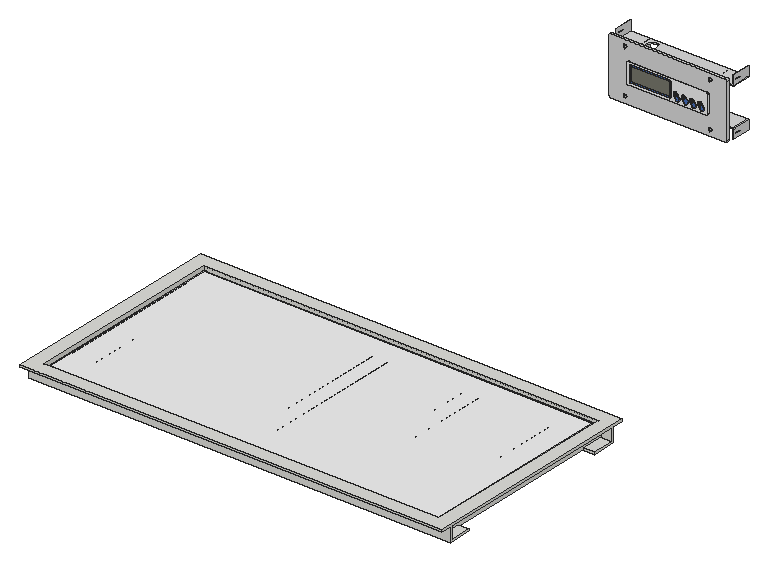
Revit family "Scale-SR_Scales-SRV947-R-IFS", category Specialty Equipment, Revit 2020
Family settings
  Round Connector Dimension = Use Diameter
  Part Type = Normal
  OmniClass Number = 23.40.70.11.14.11
  OmniClass Title = Medical Equipment
  Work Plane-Based = No
  Always vertical = Yes
  Cut with Voids When Loaded = No
  Shared = No
  Room Calculation Point = No
Parameters (values of type "SRV947IFS")
  Zero = "One Button Operation Auto Zero"  # constant formula
  Wall Display Location to Center From Left [instance] = 48"
  Wall Display Height to Center (for IFS) [instance] = 30"
  URL = "http://www.srinstruments.com/"
  Show Recessed Pit Frame = Show Flush Mounted Wall Display  # yes
  Show Flush Mounted Wall Display = yes
  Show Display in Platform = no
  Remote Display (Not Shown Graphically) = no
  Product Brochure Link = "https://srinstruments.com/r/brochures/SRV947IFS.pdf"
  Product Page URL = "https://srinstruments.com/scales/SRV947IFS"
  Power Supply = "Six (6) AA 1.5 Volt Alkaline Batteries"  # constant formula
  Platform Width = 48"
  Platform Size = "\"24'' x 48'' x 2\" (61 cm x 122 cm x 5 cm)\""
  Platform Height Position = if(Show Recessed Pit Frame, 0", 2")  # 0"
  Platform Depth = 24"
  Model = "SRV947IFS"
  Maximum Weight Capacity = "400 lbs or 182 kg"  # constant formula
  Manufacturer Phone Number = "1.800.654.6360"  # constant formula
  Manufacturer Email Contact = "mailto:info-request@srinstruments.com?Subject=Revit Inquiry"
  Manufacturer Address 1 = "600 Young Street"  # constant formula
  Manufacturer Address  2 = "Tonawanda, NY 14150"  # constant formula
  Manufacturer = "SR Scales by SR Instruments, Inc."
  Frame Distance to Wall (For IFS) [instance] = 12"
  Display Type = "1.0'' LCD Display with 5 Active Digits"
  Display Resolution = "0.2 lb / 0.1 kg"  # constant formula
  Description = "24\" x 48\" Portable (or Fixed) Platform Scale with Flush Wall Mounted Display"
  Default Elevation = 0"
  Creator URL = "http://www.revituspro.com/"
  Created By = "Revitus"  # constant formula
  Copyright Notice = "© SR Instruments, Inc.  All Rights Reserved."  # constant formula
  Calibration = "Traceable to NIST Standards"  # constant formula
  BIM Version Available (Earliest) = "2017"  # constant formula
  BIM Version = "v3.1"  # constant formula
  Averaging = "Automatic Digital Filter"  # constant formula
  Auto Power Down = "Approximately 120 Seconds"  # constant formula
  Assembly Code = "E1020810"
  Accuracy = "0.2% +/- 2 Digits of Displayed Resolution"  # constant formula
Types (9): name | Show Recessed Pit Frame | Show Flush Mounted Wall Display | Show Display in Platform | Remote Display (Not Shown Graphically) | Product Brochure Link | Product Page URL | Platform Width | Platform Size | Platform Height Position | Model | Display Type | Description
  SRV947IFS | yes | yes | no | no | "https://srinstruments.com/r/brochures/SRV947IFS.pdf" | "https://srinstruments.com/scales/SRV947IFS" | 48" | "\"24'' x 48'' x 2\" (61 cm x 122 cm x 5 cm)\"" | 0" | "SRV947IFS" | "1.0'' LCD Display with 5 Active Digits" | "24\" x 48\" Portable (or Fixed) Platform Scale with Flush Wall Mounted Display"
  SRV947 | no | no | yes | no | "https://srinstruments.com/r/brochures/SRV945.pdf" | "https://srinstruments.com/scales/SRV945" | 48" | "\"24'' x 48'' x 2\" (61 cm x 122 cm x 5 cm)\"" | 2" | "SRV947" | "1.0'' LCD Display with 5 Active Digits" | "24\" x 48\" Portable (or Fixed) Platform Scale with Display in Platform"
  SRV947R | no | no | no | yes | "https://srinstruments.com/r/brochures/SRV945.pdf" | "https://srinstruments.com/scales/SRV947R" | 48" | "\"24'' x 48'' x 2\" (61 cm x 122 cm x 5 cm)\"" | 2" | "SRV947R" | "0.75'' LCD Display with 4.5 Active Digits" | "24\" x 48\" Portable (or Fixed) Platform Scale with Remote Display"
  SRV945IFS | yes | yes | no | no | "https://srinstruments.com/r/brochures/SRV947IFS.pdf" | "https://srinstruments.com/scales/SRV947IFS" | 36" | "\"24'' x 36'' x 2\" (61 cm x 92 cm x 5 cm)\"" | 0" | "SRV945IFS" | "1.0'' LCD Display with 5 Active Digits" | "24\" x 36\" Portable (or Fixed) Platform Scale with Flush Wall Mounted Display"
  SRV945 | no | no | yes | no | "https://srinstruments.com/r/brochures/SRV945.pdf" | "https://srinstruments.com/scales/SRV945" | 36" | "\"24'' x 36'' x 2\" (61 cm x 92 cm x 5 cm)\"" | 2" | "SRV945" | "1.0'' LCD Display with 5 Active Digits" | "24\" x 36\" Portable (or Fixed) Platform Scale with Display in Platform"
  SRV945R | no | no | no | yes | "https://srinstruments.com/r/brochures/SRV945.pdf" | "https://srinstruments.com/scales/SRV945" | 36" | "\"24'' x 36'' x 2\" (61 cm x 92 cm x 5 cm)\"" | 2" | "SRV945R" | "0.75'' LCD Display with 4.5 Active Digits" | "24\" x 36\" Portable (or Fixed) Platform Scale with Remote Display"
  SRV949IFS | yes | yes | no | no | "https://srinstruments.com/r/brochures/SRV947IFS.pdf" | "https://srinstruments.com/scales/SRV947IFS" | 60" | "\"24'' x 60'' x 2\" (61 cm x 153 cm x 5 cm)\"" | 0" | "SRV949IFS" | "1.0'' LCD Display with 5 Active Digits" | "24\" x 60\" Portable (or Fixed) Platform Scale with Flush Wall Mounted Display"
  SRV949R | no | no | no | yes | "https://srinstruments.com/r/brochures/SRV945.pdf" | "https://srinstruments.com/scales/SRV947R" | 60" | "\"24'' x 60'' x 2\" (61 cm x 153 cm x 5 cm)\"" | 2" | "SRV949R" | "0.75'' LCD Display with 4.5 Active Digits" | "24\" x 60\" Portable (or Fixed) Platform Scale with Remote Display"
  SRV949 | no | no | yes | no | "https://srinstruments.com/r/brochures/SRV945.pdf" | "https://srinstruments.com/scales/SRV945" | 60" | "\"24'' x 60'' x 2\" (61 cm x 153 cm x 5 cm)\"" | 2" | "SRV949" | "1.0'' LCD Display with 5 Active Digits" | "24\" x 60\" Portable (or Fixed) Platform Scale with Display in Platform"
Reference planes (in)
  plane 1 "Center (Front/Back)": y = 0
  plane 2: z = 0
  plane 3 "Center (Left/Right)": x = 0
  plane 4 "Platform - Left": x = -24
  plane 5 "Platform - Right": x = 24
  plane 6 "Platform - Front": y = -12
  plane 7 "Platform - Back": y = 12
  plane 8 "Frame - Left": x = -25.875
  plane 9 "Frame - Right": x = 25.875
  plane 10 "Frame - Front": y = -13.875
  plane 11 "Frame - Bottom": z = -2
  plane 12 "Platform Pit Frame - Top": z = 0
  plane 13 "Frame Front Rail - Back": y = -9.625
  plane 14: y = -12.25
  plane 15: z = -1.75
  plane 16: y = -12.5
  plane 17 "Frame - Back": y = 13.875
  plane 18: y = 9.625
  plane 19: y = 12.25
  plane 20: y = 12.5
  plane 21 "Platform - Bottom - Recessed": z = -1.25
  plane 22: x = -24.5
  plane 23: x = -24.25
  plane 24: x = -22.625
  plane 25: x = 24.5
  plane 26: x = 24.25
  plane 27: x = 22.625
  plane 28: x = -1
  plane 29: x = 1
  plane 30: x = -12.1875
  plane 31: x = -10.1875
  plane 32: x = 12.1875
  plane 33: x = 10.1875
  plane 34 "Platform - Top - Recessed": z = -0.25
  plane 35: x = -12.0625
  plane 36: x = -10.3125
  plane 37: z = -1.125
  plane 38: x = -0.875
  plane 39: x = 0.875
  plane 40: x = 10.3125
  plane 41: x = 12.0625
  plane 42: x = -20.875
  plane 43: x = -23.875
  plane 44: x = -23.75
  plane 45: x = -21
  plane 46: x = 20.875
  plane 47: x = 23.875
  plane 48: x = 23.75
  plane 49: x = 21
  plane 50: y = -8.875
  plane 51: y = 8.875
  plane 52: y = -9
  plane 53: y = -11.875
  plane 54: y = -11.75
  plane 55: y = 9
  plane 56: y = 11.875
  plane 57: y = 11.75
  plane 58: x = -11.1875
  plane 59: x = 11.1875
  plane 60 "Left Foot Centerline (Left/Right)": x = -22.375
  plane 61 "Right Foot Centerline (Left/Right)": x = 22.375
  plane 62 "Display - Front": y = -5
  plane 63 "Display - Left": x = 21.125
  plane 64 "Display - Right": x = 23.625
  plane 65 "Display - Back": y = 5
  plane 66 "Wall Display Center (Elevation)": z = 30
  plane 67 "Platform - Top": z = -0.25
  plane 68 "Platform - Bottom": z = -1.25
  plane 69: z = -0.375
  plane 70 "Wall Display Center (Left/Right)": x = 22.125
  plane 71 "Back Feet Centerline (Front/Back)": y = 10.375
  plane 72 "Front Feet Centerline (Front/Back)": y = -10.375
  plane 73 "Foot - Bottom": z = -1.75
Forms (in)
  Extrusion 1, solid, material "SR Scales - Frame", visible <- "Show Recessed Pit Frame", detail levels medium+fine
    sketch origin (0, 0, 1.75) x (1, 0, 0) y (0, 0, 1)
      loop
        line (-25.875, -1.75) -> (-25.875, -2) -> (-24.5, -2) -> (-24.5, -3.75) -> (-22.625, -3.75) -> (-22.625, -3.5) -> (-24.25, -3.5) -> (-24.25, -1.75) -> (-25.875, -1.75)
    from -12.25 to 12.25
  Extrusion 2, solid, material "SR Scales - Frame", visible <- "Show Recessed Pit Frame", detail levels medium+fine
    sketch origin (0, 0, 1.75) x (0, 1, 0) y (0, 0, 1)
      loop
        line (-13.875, -2) -> (-12.5, -2) -> (-12.5, -3.75) -> (-9.625, -3.75) -> (-9.625, -3.5) -> (-12.25, -3.5) -> (-12.25, -1.75) -> (-13.875, -1.75) -> (-13.875, -2)
    from -25.875 to 25.875
  Extrusion 3, solid, material "SR Scales - Frame", visible <- "Show Recessed Pit Frame", detail levels medium+fine
    sketch origin (0, -44, 1.75) x (0, -1, 0) y (0, 0, -1)
      loop
        line (-57.875, 2) -> (-57.875, 1.75) -> (-56.25, 1.75) -> (-56.25, 3.5) -> (-53.625, 3.5) -> (-53.625, 3.75) -> (-56.5, 3.75) -> (-56.5, 2) -> (-57.875, 2)
    from -25.875 to 25.875
  Extrusion 4, solid, material "SR Scales - Frame", visible <- "Show Recessed Pit Frame", detail levels medium+fine
    sketch origin (0, 0, 1.75) x (-1, 0, 0) y (0, 0, -1)
      loop
        line (-25.875, 1.75) -> (-24.25, 1.75) -> (-24.25, 3.5) -> (-22.625, 3.5) -> (-22.625, 3.75) -> (-24.5, 3.75) -> (-24.5, 2) -> (-25.875, 2) -> (-25.875, 1.75)
    from -12.25 to 12.25
  Extrusion 5, solid, material "SR Scales - Platform", visible <- "Show Recessed Pit Frame", detail levels coarse
    sketch origin (0, 0, 0) x (1, 0, 0) y (0, 1, 0)
      loop
        line (-25.875, 13.875) -> (-25.875, -13.875) -> (25.875, -13.875) -> (25.875, 13.875) -> (-25.875, 13.875)
    from -2 to 0
  Extrusion 6, solid, material "SR Scales - Platform", detail levels coarse
    sketch origin (0, 0, 2) x (1, 0, 0) y (0, 0, 1)
      loop
        line (-24, -2.25) -> (-24, -3.25) -> (24, -3.25) -> (24, -2.25) -> (-24, -2.25)
    from -12 to 12
  Extrusion 7, solid, material "SR Scales - Frame", detail levels medium+fine
    sketch origin (0, 0, 0) x (1, 0, 0) y (0, 0, 1)
      loop
        line (-12.1875, -0.375) -> (-12.1875, -1.25) -> (-10.1875, -1.25) -> (-10.1875, -0.375) -> (-10.3125, -0.375) -> (-10.3125, -1.125) -> (-12.0625, -1.125) -> (-12.0625, -0.375) -> (-12.1875, -0.375)
      loop
        line (10.1875, -0.375) -> (10.1875, -1.25) -> (12.1875, -1.25) -> (12.1875, -0.375) -> (12.0625, -0.375) -> (12.0625, -1.125) -> (10.3125, -1.125) -> (10.3125, -0.375) -> (10.1875, -0.375)
      loop
        line (-1, -0.375) -> (-1, -1.25) -> (1, -1.25) -> (1, -0.375) -> (0.875, -0.375) -> (0.875, -1.125) -> (-0.875, -1.125) -> (-0.875, -0.375) -> (-1, -0.375)
      loop
        line (-23.875, -1.25) -> (-20.875, -1.25) -> (-20.875, -0.375) -> (-21, -0.375) -> (-21, -1.125) -> (-23.75, -1.125) -> (-23.75, -0.375) -> (-23.875, -0.375) -> (-23.875, -1.25)
      loop
        line (20.875, -0.375) -> (20.875, -1.25) -> (23.875, -1.25) -> (23.875, -0.375) -> (23.75, -0.375) -> (23.75, -1.125) -> (21, -1.125) -> (21, -0.375) -> (20.875, -0.375)
    from -8.875 to 8.875
  Extrusion 8, solid, material "SR Scales - Frame", detail levels medium+fine
    sketch origin (0, 0, 0) x (0, 1, 0) y (0, 0, 1)
      loop
        line (-11.875, -0.375) -> (-11.875, -1.25) -> (-8.875, -1.25) -> (-8.875, -0.375) -> (-9, -0.375) -> (-9, -1.125) -> (-11.75, -1.125) -> (-11.75, -0.375) -> (-11.875, -0.375)
      loop
        line (8.875, -1.25) -> (11.875, -1.25) -> (11.875, -0.375) -> (11.75, -0.375) -> (11.75, -1.125) -> (9, -1.125) -> (9, -0.375) -> (8.875, -0.375) -> (8.875, -1.25)
    from -23.875 to 23.875
  Extrusion 9, solid, material "SR Scales - Display - Controls", visible <- "Show Display in Platform", detail levels medium
    sketch origin (0, 0, -0.25) x (-1, 0, 0) y (0, -1, 0)
      loop
        line (-23.375, -5) -> (-21.375, -5)
        arc (-21.375, -5) -> (-21.19822, -4.92678) -> (-21.125, -4.75) r 0.25
        line (-21.125, -4.75) -> (-21.125, 4.75)
        arc (-21.125, 4.75) -> (-21.19822, 4.92678) -> (-21.375, 5) r 0.25
        line (-21.375, 5) -> (-23.375, 5)
        arc (-23.375, 5) -> (-23.55178, 4.92678) -> (-23.625, 4.75) r 0.25
        line (-23.625, 4.75) -> (-23.625, -4.75)
        arc (-23.625, -4.75) -> (-23.55178, -4.92678) -> (-23.375, -5) r 0.25
    from 0 to 0.125
  Extrusion 10, solid, material "SR Scales - Display - Controls", visible <- "Show Display in Platform", detail levels fine
    sketch origin (0, 0, -0.25) x (-1, 0, 0) y (0, -1, 0)
      loop
        line (-23.375, -5) -> (-21.375, -5)
        arc (-21.375, -5) -> (-21.19822, -4.92678) -> (-21.125, -4.75) r 0.25
        line (-21.125, -4.75) -> (-21.125, 4.75)
        arc (-21.125, 4.75) -> (-21.19822, 4.92678) -> (-21.375, 5) r 0.25
        line (-21.375, 5) -> (-23.375, 5)
        arc (-23.375, 5) -> (-23.55178, 4.92678) -> (-23.625, 4.75) r 0.25
        line (-23.625, 4.75) -> (-23.625, -4.75)
        arc (-23.625, -4.75) -> (-23.55178, -4.92678) -> (-23.375, -5) r 0.25
      loop
        line (-23.25, -0.37629) -> (-21.5, -0.37629)
        arc (-21.5, -0.37629) -> (-21.41161, -0.33968) -> (-21.375, -0.25129) r 0.125
        line (-21.375, -0.25129) -> (-21.375, 4.49871)
        arc (-21.375, 4.49871) -> (-21.41161, 4.58709) -> (-21.5, 4.62371) r 0.125
        line (-21.5, 4.62371) -> (-23.25, 4.62371)
        arc (-23.25, 4.62371) -> (-23.33839, 4.58709) -> (-23.375, 4.49871) r 0.125
        line (-23.375, 4.49871) -> (-23.375, -0.25129)
        arc (-23.375, -0.25129) -> (-23.33839, -0.33968) -> (-23.25, -0.37629) r 0.125
      loop
        arc (-23.25, -1.03479) -> (-23.34151, -1.37629) -> (-23, -1.4678) r 0.25
        line (-23, -1.4678) -> (-22.56699, -1.2178)
        arc (-22.56699, -1.2178) -> (-22.47548, -0.87629) -> (-22.81699, -0.78479) r 0.25
        line (-22.81699, -0.78479) -> (-23.25, -1.03479)
      loop
        arc (-23.25, -2.03479) -> (-23.34151, -2.37629) -> (-23, -2.4678) r 0.25
        line (-23, -2.4678) -> (-22.56699, -2.2178)
        arc (-22.56699, -2.2178) -> (-22.47548, -1.87629) -> (-22.81699, -1.78479) r 0.25
        line (-22.81699, -1.78479) -> (-23.25, -2.03479)
      loop
        arc (-23.25, -3.03479) -> (-23.34151, -3.37629) -> (-23, -3.4678) r 0.25
        line (-23, -3.4678) -> (-22.56699, -3.2178)
        arc (-22.56699, -3.2178) -> (-22.47548, -2.87629) -> (-22.81699, -2.78479) r 0.25
        line (-22.81699, -2.78479) -> (-23.25, -3.03479)
      loop
        arc (-23.25, -4.03479) -> (-23.34151, -4.37629) -> (-23, -4.4678) r 0.25
        line (-23, -4.4678) -> (-22.56699, -4.2178)
        arc (-22.56699, -4.2178) -> (-22.47548, -3.87629) -> (-22.81699, -3.78479) r 0.25
        line (-22.81699, -3.78479) -> (-23.25, -4.03479)
      loop
        circle (-22.69199, -1.00129) r 0.15625
      loop
        circle (-22.69199, -2.00129) r 0.15625
      loop
        circle (-22.69199, -3.00129) r 0.15625
      loop
        circle (-22.69199, -4.00129) r 0.15625
    from 0 to 0.125
  Extrusion 11, solid, material "SR Scales - Logo Blue", visible <- "Show Display in Platform", detail levels fine
    sketch origin (0, 0, -0.25) x (-1, 0, 0) y (0, -1, 0)
      loop
        arc (-22.56699, -4.2178) -> (-22.47548, -3.87629) -> (-22.81699, -3.78479) r 0.25
        line (-22.81699, -3.78479) -> (-23.25, -4.03479)
        arc (-23.25, -4.03479) -> (-23.34151, -4.37629) -> (-23, -4.4678) r 0.25
        line (-23, -4.4678) -> (-22.56699, -4.2178)
      loop
        circle (-22.69199, -4.00129) r 0.15625
      loop
        arc (-22.56699, -3.2178) -> (-22.47548, -2.87629) -> (-22.81699, -2.78479) r 0.25
        line (-22.81699, -2.78479) -> (-23.25, -3.03479)
        arc (-23.25, -3.03479) -> (-23.34151, -3.37629) -> (-23, -3.4678) r 0.25
        line (-23, -3.4678) -> (-22.56699, -3.2178)
      loop
        circle (-22.69199, -3.00129) r 0.15625
      loop
        arc (-22.56699, -2.2178) -> (-22.47548, -1.87629) -> (-22.81699, -1.78479) r 0.25
        line (-22.81699, -1.78479) -> (-23.25, -2.03479)
        arc (-23.25, -2.03479) -> (-23.34151, -2.37629) -> (-23, -2.4678) r 0.25
        line (-23, -2.4678) -> (-22.56699, -2.2178)
      loop
        circle (-22.69199, -2.00129) r 0.15625
      loop
        arc (-22.56699, -1.2178) -> (-22.47548, -0.87629) -> (-22.81699, -0.78479) r 0.25
        line (-22.81699, -0.78479) -> (-23.25, -1.03479)
        arc (-23.25, -1.03479) -> (-23.34151, -1.37629) -> (-23, -1.4678) r 0.25
        line (-23, -1.4678) -> (-22.56699, -1.2178)
      loop
        circle (-22.69199, -1.00129) r 0.15625
      loop
        arc (-23.375, -0.25129) -> (-23.33839, -0.33968) -> (-23.25, -0.37629) r 0.125
        line (-23.25, -0.37629) -> (-21.5, -0.37629)
        arc (-21.5, -0.37629) -> (-21.41161, -0.33968) -> (-21.375, -0.25129) r 0.125
        line (-21.375, -0.25129) -> (-21.375, 4.49871)
        arc (-21.375, 4.49871) -> (-21.41161, 4.58709) -> (-21.5, 4.62371) r 0.125
        line (-21.5, 4.62371) -> (-23.25, 4.62371)
        arc (-23.25, 4.62371) -> (-23.33839, 4.58709) -> (-23.375, 4.49871) r 0.125
        line (-23.375, 4.49871) -> (-23.375, -0.25129)
      loop
        line (-21.5, 4.49871) -> (-23.25, 4.49871) -> (-23.25, -0.25129) -> (-21.5, -0.25129) -> (-21.5, 4.49871)
    from 0 to 0.125
  Extrusion 12, solid, material "SR Scales - Display - Screen", visible <- "Show Display in Platform", detail levels fine
    sketch origin (0, 0, -0.25) x (-1, 0, 0) y (0, -1, 0)
      loop
        line (-21.5, 4.49871) -> (-23.25, 4.49871) -> (-23.25, -0.25129) -> (-21.5, -0.25129) -> (-21.5, 4.49871)
    from 0 to 0.125
  Extrusion 13, solid, material "SR Scales - Platform", detail levels medium+fine
    sketch origin (0, 0, 8) x (1, 0, 0) y (0, 0, 1)
      loop
        line (-23.875, -8.375) -> (23.875, -8.375) -> (23.875, -8.25) -> (-23.875, -8.25) -> (-23.875, -8.375)
    from -11.875 to 11.875
  Sweep 14, solid, material "SR Scales - Platform", detail levels medium+fine
    path origin (0, 0, 0) x (1, 0, 0) y (0, 1, 0)
      loop
        line (-24, 12) -> (-24, -12) -> (24, -12) -> (24, 12) -> (-24, 12)
    profile origin (-24, 0, 0) x (1, 0, 0) y (0, 0, 1)
      loop
        line (0, -0.375) -> (0, -1.25) -> (0.125, -1.25) -> (0.125, -0.25)
        arc (0.125, -0.25) -> (0.03661, -0.28661) -> (0, -0.375) r 0.125
  Revolve 15, solid, material "SR Scales - Foot", detail levels medium+fine
    sketch origin (22.375, 10.375, 0) x (-1, 0, 0) y (0, 0, 1)
      loop
        line (22.75, -1.75) -> (22.9375, -1.65547) -> (22.875, -1.4375) -> (22.78125, -1.4375) -> (22.78125, -1.40625)
        arc (22.78125, -1.40625) -> (22.76294, -1.36206) -> (22.71875, -1.34375) r 0.0625
        line (22.71875, -1.34375) -> (22.5, -1.34375) -> (22.5, -1.09375) -> (22.6875, -1.09375) -> (22.6875, -0.96875) -> (22.5, -0.96875) -> (22.5, -0.84375) -> (22.375, -0.84375) -> (22.375, -1.75) -> (22.75, -1.75)
      axis (22.375, -0.84375) -> (22.375, -1.75)
    angle from 0 to 360
  Revolve 16, solid, material "SR Scales - Foot", detail levels medium+fine
    sketch origin (-22.375, -10.375, 0) x (-1, 0, 0) y (0, 0, 1)
      loop
        line (-22, -1.75) -> (-21.8125, -1.65547) -> (-21.875, -1.4375) -> (-21.96875, -1.4375) -> (-21.96875, -1.40625)
        arc (-21.96875, -1.40625) -> (-21.98706, -1.36206) -> (-22.03125, -1.34375) r 0.0625
        line (-22.03125, -1.34375) -> (-22.25, -1.34375) -> (-22.25, -1.09375) -> (-22.0625, -1.09375) -> (-22.0625, -0.96875) -> (-22.25, -0.96875) -> (-22.25, -0.84375) -> (-22.375, -0.84375) -> (-22.375, -1.75) -> (-22, -1.75)
      axis (-22.375, -0.84375) -> (-22.375, -1.75)
    angle from 0 to 360
  Revolve 17, solid, material "SR Scales - Foot", detail levels medium+fine
    sketch origin (0, 10.375, 0) x (-1, 0, 0) y (0, 0, 1)
      loop
        line (22.75, -1.75) -> (22.9375, -1.65547) -> (22.875, -1.4375) -> (22.78125, -1.4375) -> (22.78125, -1.40625)
        arc (22.78125, -1.40625) -> (22.76294, -1.36206) -> (22.71875, -1.34375) r 0.0625
        line (22.71875, -1.34375) -> (22.5, -1.34375) -> (22.5, -1.09375) -> (22.6875, -1.09375) -> (22.6875, -0.96875) -> (22.5, -0.96875) -> (22.5, -0.84375) -> (22.375, -0.84375) -> (22.375, -1.75) -> (22.75, -1.75)
      axis (22.375, -0.84375) -> (22.375, -1.75)
    angle from 0 to 360
  Revolve 18, solid, material "SR Scales - Foot", detail levels medium+fine
    sketch origin (-44.75, -10.375, 0) x (-1, 0, 0) y (0, 0, 1)
      loop
        line (-22, -1.75) -> (-21.8125, -1.65547) -> (-21.875, -1.4375) -> (-21.96875, -1.4375) -> (-21.96875, -1.40625)
        arc (-21.96875, -1.40625) -> (-21.98706, -1.36206) -> (-22.03125, -1.34375) r 0.0625
        line (-22.03125, -1.34375) -> (-22.25, -1.34375) -> (-22.25, -1.09375) -> (-22.0625, -1.09375) -> (-22.0625, -0.96875) -> (-22.25, -0.96875) -> (-22.25, -0.84375) -> (-22.375, -0.84375) -> (-22.375, -1.75) -> (-22, -1.75)
      axis (-22.375, -0.84375) -> (-22.375, -1.75)
    angle from 0 to 360
  Revolve 19, solid, material "SR Scales - Foot", detail levels medium+fine
    sketch origin (59.75, 10.375, 0) x (-1, 0, 0) y (0, 0, 1)
      loop
        line (37.75, -1.75) -> (37.9375, -1.65547) -> (37.875, -1.4375) -> (37.78125, -1.4375) -> (37.78125, -1.40625)
        arc (37.78125, -1.40625) -> (37.76294, -1.36206) -> (37.71875, -1.34375) r 0.0625
        line (37.71875, -1.34375) -> (37.5, -1.34375) -> (37.5, -1.09375) -> (37.6875, -1.09375) -> (37.6875, -0.96875) -> (37.5, -0.96875) -> (37.5, -0.84375) -> (37.375, -0.84375) -> (37.375, -1.75) -> (37.75, -1.75)
      axis (37.375, -0.84375) -> (37.375, -1.75)
    angle from 0 to 360
  Revolve 20, solid, material "SR Scales - Foot", detail levels medium+fine
    sketch origin (15, -10.375, 0) x (-1, 0, 0) y (0, 0, 1)
      loop
        line (-7, -1.75) -> (-6.8125, -1.65547) -> (-6.875, -1.4375) -> (-6.96875, -1.4375) -> (-6.96875, -1.40625)
        arc (-6.96875, -1.40625) -> (-6.98706, -1.36206) -> (-7.03125, -1.34375) r 0.0625
        line (-7.03125, -1.34375) -> (-7.25, -1.34375) -> (-7.25, -1.09375) -> (-7.0625, -1.09375) -> (-7.0625, -0.96875) -> (-7.25, -0.96875) -> (-7.25, -0.84375) -> (-7.375, -0.84375) -> (-7.375, -1.75) -> (-7, -1.75)
      axis (-7.375, -0.84375) -> (-7.375, -1.75)
    angle from 0 to 360
Cuts and joins
  joined: Extrusion 1, Extrusion 2, Extrusion 3, Extrusion 4
Lines and regions (in)
  model lines, style "Scale - Platform", detail levels coarse
    curve 1: line (-24, 12, -0.25) -> (-24, -12, -0.25)
    curve 2: line (-24, 12, -0.25) -> (24, 12, -0.25)
    curve 3: line (-24, -12, -0.25) -> (24, -12, -0.25)
    curve 4: line (24, 12, -0.25) -> (24, -12, -0.25)
  reference lines
    curve 5: line (25.875, 25.875, 0) -> (-25.875, 25.875, 0)
Dimensions and locks (in)
  equal spacing: plane 4 "Platform - Left", plane 3 "Center (Left/Right)", plane 5 "Platform - Right"
  "Platform Width": plane 4 "Platform - Left" to plane 5 "Platform - Right"
  "Platform Depth": plane 6 "Platform - Front" to plane 7 "Platform - Back"
  plane 24 to plane 4 "Platform - Left" to plane 23 to plane 8 "Frame - Left" = 1 3/8" locked, 1/4" locked, 1 5/8" locked
  plane 10 "Frame - Front" to plane 14 to plane 6 "Platform - Front" to plane 13 "Frame Front Rail - Back" = 1 5/8" locked, 1/4" locked, 2 3/8" locked
  locked: plane 12 "Platform Pit Frame - Top" to plane 11 "Frame - Bottom" at 2
  locked: plane 15 to plane 11 "Frame - Bottom" at 0.25
  locked: plane 16 to plane 14 at 0.25
  plane 17 "Frame - Back" to plane 19 to plane 7 "Platform - Back" to plane 18 = 1 5/8", 1/4", 2 3/8" locked
  locked: plane 20 to plane 19 at 0.25
  plane 4 "Platform - Left" to plane 23 to plane 22 = 1/4", 1/4"
  plane 27 to plane 5 "Platform - Right" to plane 26 to plane 9 "Frame - Right" = 1 3/8" locked, 1/4" locked, 1 5/8" locked
  locked: plane 26 to plane 25 at 0.25
  plane 29 to plane 3 "Center (Left/Right)" to plane 28 = 1" locked, 1" locked
  plane 31 to plane 58 to plane 30 = 1" locked, 1" locked
  plane 33 to plane 59 to plane 32 = 1" locked, 1" locked
  locked: plane 12 "Platform Pit Frame - Top" to plane 34 "Platform - Top - Recessed" at 0.25
  locked: plane 37 to plane 68 "Platform - Bottom" at 0.125
  locked: plane 35 to plane 30 at 0.125
  locked: plane 36 to plane 31 at 0.125
  locked: plane 38 to plane 28 at 0.125
  locked: plane 39 to plane 29 at 0.125
  locked: plane 40 to plane 33 at 0.125
  locked: plane 41 to plane 32 at 0.125
  locked: plane 42 to plane 8 "Frame - Left" at 5
  locked: plane 4 "Platform - Left" to plane 43 at 0.125
  locked: plane 42 to plane 45 at 0.125
  locked: plane 44 to plane 43 at 0.125
  locked: plane 46 to plane 49 at 0.125
  locked: plane 48 to plane 47 at 0.125
  locked: plane 46 to plane 9 "Frame - Right" at 5
  locked: plane 10 "Frame - Front" to plane 50 at 5
  locked: plane 51 to plane 17 "Frame - Back" at 5
  locked: plane 52 to plane 50 at 0.125
  plane 6 "Platform - Front" to plane 53 to plane 54 = 1/8" locked, 1/8" locked
  plane 7 "Platform - Back" to plane 56 to plane 57 = 1/8" locked, 1/8" locked
  locked: plane 51 to plane 55 at 0.125
  equal spacing: plane 7 "Platform - Back", plane 1 "Center (Front/Back)", plane 6 "Platform - Front"
  locked: plane 60 "Left Foot Centerline (Left/Right)" to plane 43 at 1.5
  plane 61 "Right Foot Centerline (Left/Right)" to plane 47 to plane 5 "Platform - Right" = 1 1/2" locked, 1/8" locked
  plane 62 "Display - Front" to plane 1 "Center (Front/Back)" to plane 65 "Display - Back" = 5" locked, 5" locked
  plane 63 "Display - Left" to plane 64 "Display - Right" to plane 47 = 2 1/2" locked, 1/4" locked
  equal spacing: plane 58, plane 3 "Center (Left/Right)", plane 59, plane 61 "Right Foot Centerline (Left/Right)"
  "Frame Distance to Wall (For IFS)": curve 5 to plane 17 "Frame - Back"
  "Wall Display Height to Center (for IFS)": plane 66 "Wall Display Center (Elevation)" to level
  "Platform Height Position": plane 67 "Platform - Top" to plane 34 "Platform - Top - Recessed"
  locked: plane 67 "Platform - Top" to plane 68 "Platform - Bottom" at 1
  locked: plane 67 "Platform - Top" to plane 69 at 0.125
  "Wall Display Location to Center From Left": plane 70 "Wall Display Center (Left/Right)" to plane 8 "Frame - Left"
  equal spacing: plane 56, plane 71 "Back Feet Centerline (Front/Back)", plane 51
  equal spacing: plane 53, plane 72 "Front Feet Centerline (Front/Back)", plane 50
  locked: plane 67 "Platform - Top" to plane 73 "Foot - Bottom" at 1.5
  aligned and locked: level to plane 2
  aligned and locked: Extrusion 2 to plane 9 "Frame - Right"
  aligned and locked: Extrusion 2 to plane 8 "Frame - Left"
  aligned and locked: Extrusion 2 sketch curve to plane 10 "Frame - Front"
  aligned and locked: Extrusion 2 sketch curve to plane 12 "Platform Pit Frame - Top"
  aligned and locked: Extrusion 2 sketch curve to plane 16
  aligned and locked: Extrusion 2 sketch curve to plane 14
  aligned and locked: Extrusion 2 sketch curve to plane 15
  aligned and locked: Extrusion 2 sketch curve to plane 11 "Frame - Bottom"
  aligned and locked: plane 13 "Frame Front Rail - Back" to Extrusion 2 sketch curve
  aligned and locked: plane 17 "Frame - Back" to Extrusion 3 sketch curve
  aligned and locked: Extrusion 3 sketch curve to plane 20
  aligned and locked: Extrusion 3 sketch curve to plane 19
  aligned and locked: plane 18 to Extrusion 3 sketch curve
  aligned and locked: Extrusion 3 to plane 8 "Frame - Left"
  aligned and locked: Extrusion 3 to plane 9 "Frame - Right"
  aligned and locked: Extrusion 1 sketch curve to plane 8 "Frame - Left"
  aligned and locked: Extrusion 1 sketch curve to plane 12 "Platform Pit Frame - Top"
  aligned and locked: Extrusion 1 sketch curve to plane 15
  aligned and locked: Extrusion 1 sketch curve to plane 11 "Frame - Bottom"
  aligned and locked: Extrusion 1 sketch curve to plane 23
  aligned and locked: Extrusion 1 sketch curve to plane 22
  aligned and locked: Extrusion 1 sketch curve to plane 24
  aligned and locked: plane 14 to Extrusion 1
  aligned and locked: plane 19 to Extrusion 1
  aligned and locked: plane 26 to Extrusion 4 sketch curve
  aligned and locked: plane 25 to Extrusion 4 sketch curve
  aligned and locked: plane 27 to Extrusion 4 sketch curve
  aligned and locked: plane 19 to Extrusion 4
  aligned and locked: plane 14 to Extrusion 4
  aligned and locked: plane 9 "Frame - Right" to Extrusion 4 sketch curve
  aligned and locked: plane 12 "Platform Pit Frame - Top" to Extrusion 4 sketch curve
  aligned and locked: plane 11 "Frame - Bottom" to Extrusion 4 sketch curve
  aligned and locked: plane 15 to Extrusion 4 sketch curve
  aligned and locked: Extrusion 5 sketch curve to plane 8 "Frame - Left"
  aligned and locked: plane 17 "Frame - Back" to Extrusion 5 sketch curve
  aligned and locked: plane 9 "Frame - Right" to Extrusion 5 sketch curve
  aligned and locked: Extrusion 5 sketch curve to plane 10 "Frame - Front"
  aligned and locked: curve 1 to plane 4 "Platform - Left"
  aligned and locked: curve 2 to plane 7 "Platform - Back"
  aligned and locked: curve 3 to plane 6 "Platform - Front"
  aligned and locked: plane 5 "Platform - Right" to curve 4
  aligned and locked: plane 34 "Platform - Top - Recessed" to Extrusion 3 sketch curve
  aligned and locked: Extrusion 2 sketch curve to plane 34 "Platform - Top - Recessed"
  aligned and locked: Extrusion 1 sketch curve to plane 34 "Platform - Top - Recessed"
  aligned and locked: plane 34 "Platform - Top - Recessed" to Extrusion 4 sketch curve
  aligned and locked: Extrusion 6 sketch curve to plane 4 "Platform - Left"
  aligned and locked: plane 5 "Platform - Right" to Extrusion 6 sketch curve
  aligned and locked: Extrusion 6 to plane 6 "Platform - Front"
  aligned and locked: plane 7 "Platform - Back" to Extrusion 6
  aligned and locked: Extrusion 7 sketch curve to plane 37  (x3)
  aligned and locked: Extrusion 7 sketch curve to plane 33
  aligned and locked: plane 40 to Extrusion 7 sketch curve
  aligned and locked: plane 41 to Extrusion 7 sketch curve
  aligned and locked: plane 32 to Extrusion 7 sketch curve
  aligned and locked: Extrusion 7 sketch curve to plane 28
  aligned and locked: plane 38 to Extrusion 7 sketch curve
  aligned and locked: plane 29 to Extrusion 7 sketch curve
  aligned and locked: plane 39 to Extrusion 7 sketch curve
  aligned and locked: Extrusion 7 sketch curve to plane 30
  aligned and locked: plane 35 to Extrusion 7 sketch curve
  aligned and locked: plane 36 to Extrusion 7 sketch curve
  aligned and locked: plane 31 to Extrusion 7 sketch curve
  aligned and locked: Extrusion 7 sketch curve to plane 43
  aligned and locked: Extrusion 7 sketch curve to plane 44
  aligned and locked: Extrusion 7 sketch curve to plane 45
  aligned and locked: Extrusion 7 sketch curve to plane 42
  aligned and locked: plane 47 to Extrusion 7 sketch curve
  aligned and locked: plane 48 to Extrusion 7 sketch curve
  aligned and locked: plane 49 to Extrusion 7 sketch curve
  aligned and locked: plane 46 to Extrusion 7 sketch curve
  aligned and locked: Extrusion 8 sketch curve to plane 37
  aligned and locked: Extrusion 8 sketch curve to plane 53
  aligned and locked: Extrusion 8 sketch curve to plane 54
  aligned and locked: Extrusion 8 sketch curve to plane 52
  aligned and locked: Extrusion 8 sketch curve to plane 50
  aligned and locked: plane 51 to Extrusion 8 sketch curve
  aligned and locked: Extrusion 8 sketch curve to plane 55
  aligned and locked: Extrusion 8 sketch curve to plane 56
  aligned and locked: Extrusion 8 sketch curve to plane 57
  aligned and locked: plane 51 to Extrusion 7
  aligned and locked: plane 50 to Extrusion 7
  aligned and locked: Extrusion 8 to plane 47
  aligned and locked: Extrusion 8 to plane 43
  aligned and locked: Extrusion 10 sketch curve to plane 62 "Display - Front"
  aligned and locked: plane 62 "Display - Front" to Extrusion 9 sketch curve
  aligned and locked: Extrusion 10 sketch curve to plane 63 "Display - Left"
  aligned and locked: plane 64 "Display - Right" to Extrusion 10 sketch curve
  aligned and locked: Extrusion 9 sketch curve to plane 63 "Display - Left"
  aligned and locked: Extrusion 9 sketch curve to plane 64 "Display - Right"
  aligned and locked: Extrusion 10 sketch curve to plane 65 "Display - Back"
  aligned and locked: Extrusion 9 sketch curve to plane 65 "Display - Back"
  aligned and locked: Extrusion 11 sketch curve to Extrusion 10  (x20)
  aligned and locked: Extrusion 12 sketch curve to Extrusion 11  (x4)
  aligned and locked: plane 47 to Extrusion 13 sketch curve
  aligned and locked: Extrusion 13 sketch curve to plane 43
  aligned and locked: Sweep 14 sketch curve to plane 4 "Platform - Left"
  aligned and locked: Sweep 14 sketch curve to plane 43
  aligned and locked: plane 56 to Extrusion 13
  aligned and locked: plane 53 to Extrusion 13
  aligned and locked: plane 8 "Frame - Left" to curve 5
  aligned and locked: curve 5 to plane 9 "Frame - Right"
  aligned and locked: nested 1 to curve 5
  aligned and locked: nested 1 to plane 66 "Wall Display Center (Elevation)"
  aligned and locked: plane 15 to Extrusion 3 sketch curve
  aligned and locked: plane 11 "Frame - Bottom" to Extrusion 3 sketch curve
  aligned and locked: plane 12 "Platform Pit Frame - Top" to Extrusion 5
  aligned and locked: Extrusion 5 to plane 11 "Frame - Bottom"
  aligned and locked: Extrusion 6 sketch curve to plane 68 "Platform - Bottom"
  aligned and locked: Sweep 14 sketch curve to plane 68 "Platform - Bottom"
  aligned and locked: plane 67 "Platform - Top" to Sweep 14 sketch curve
  aligned and locked: Extrusion 13 sketch curve to plane 69
  aligned and locked: Extrusion 13 sketch curve to plane 67 "Platform - Top"
  aligned and locked: Extrusion 6 sketch curve to plane 67 "Platform - Top"
  aligned and locked: plane 70 "Wall Display Center (Left/Right)" to nested 1
  aligned and locked: Extrusion 7 sketch curve to plane 69  (x10)
  aligned and locked: Extrusion 8 sketch curve to plane 69  (x4)
  aligned and locked: Extrusion 8 sketch curve to plane 68 "Platform - Bottom"  (x2)
  aligned and locked: Extrusion 7 sketch curve to plane 68 "Platform - Bottom"  (x5)
  aligned and locked: Revolve 16 sketch curve to plane 3 "Center (Left/Right)"
  aligned and locked: Revolve 15 sketch curve to plane 3 "Center (Left/Right)"
  aligned and locked: plane 61 "Right Foot Centerline (Left/Right)" to Revolve 20 sketch curve
  aligned and locked: plane 61 "Right Foot Centerline (Left/Right)" to Revolve 19 sketch curve
Automatic sketch dimensions
  level to Extrusion 3 sketch curve = 0"
  Extrusion 7 sketch curve to plane 37 = 0"  (x2)
  plane 37 to Extrusion 8 sketch curve = 0"
  Extrusion 9 sketch curve to plane 64 "Display - Right" = 1/4"  (x2)
  Extrusion 9 sketch curve to Extrusion 9 sketch curve = 1/4"
  plane 63 "Display - Left" to Extrusion 9 sketch curve = 1/4"
  Extrusion 10 sketch curve to Extrusion 10 sketch curve = 0"  (x8)
  Extrusion 10 sketch curve to Extrusion 10 sketch curve = 1/4"  (x5)
  Extrusion 10 sketch curve to plane 64 "Display - Right" = 1/4"  (x2)
  Extrusion 10 sketch curve to plane 64 "Display - Right" = 3/8"  (x4)
  Extrusion 10 sketch curve to Extrusion 10 sketch curve = 1/8"  (x11)
  Extrusion 10 sketch curve to plane 27 = 0.19199"  (x4)
  Extrusion 10 sketch curve to plane 27 = 0.06699"  (x4)
  plane 27 to Extrusion 10 sketch curve = 0.05801"  (x4)
  plane 63 "Display - Left" to Extrusion 10 sketch curve = 3/8"  (x2)
  plane 63 "Display - Left" to Extrusion 10 sketch curve = 1/4"  (x2)
  Extrusion 10 sketch curve to Extrusion 10 sketch curve = 0.2822"
  Extrusion 10 sketch curve to Extrusion 10 sketch curve = 0.21651"  (x8)
  Extrusion 10 sketch curve to Extrusion 10 sketch curve = 0.31699"  (x3)
  Extrusion 10 sketch curve to plane 1 "Center (Front/Back)" = 0.37629"
  Extrusion 10 sketch curve to Extrusion 10 sketch curve = 0.25129"
  Extrusion 11 sketch curve to Extrusion 11 sketch curve = 1/8"  (x12)
  Extrusion 11 sketch curve to Extrusion 11 sketch curve = 0"  (x4)
  plane 27 to Extrusion 11 sketch curve = 0.05801"  (x4)
  Sweep 14 sketch curve to plane 4 "Platform - Left" = 0"
  Sweep 14 sketch curve to plane 5 "Platform - Right" = 0"
  Sweep 14 sketch curve to plane 6 "Platform - Front" = 0"
  Sweep 14 sketch curve to plane 7 "Platform - Back" = 0"
  Revolve 15 sketch curve to plane 3 "Center (Left/Right)" = 0"
  Revolve 15 sketch curve to plane 73 "Foot - Bottom" = 0"
  Revolve 15 sketch curve to plane 3 "Center (Left/Right)" = 1/8"  (x2)
  plane 37 to Revolve 15 sketch curve = 1/32"
  Revolve 15 sketch curve to Revolve 15 sketch curve = 3/16"  (x2)
  Revolve 15 sketch curve to plane 68 "Platform - Bottom" = 3/32"
  Revolve 15 sketch curve to Revolve 15 sketch curve = 7/32"
  Revolve 15 sketch curve to Revolve 15 sketch curve = 1/32"  (x2)
  Revolve 15 sketch curve to Revolve 15 sketch curve = 1/16"
  Revolve 15 sketch curve to Revolve 15 sketch curve = 3/32"
  plane 73 "Foot - Bottom" to Revolve 15 sketch curve = 0.09453"
  Revolve 15 sketch curve to plane 11 "Frame - Bottom" = 1.34479"
  Revolve 15 sketch curve to Revolve 15 sketch curve = 1/8"  (x2)
  plane 67 "Platform - Top" to Revolve 15 sketch curve = 2.12312"
  Revolve 16 sketch curve to plane 3 "Center (Left/Right)" = 0"
  Revolve 16 sketch curve to plane 73 "Foot - Bottom" = 0"
  plane 3 "Center (Left/Right)" to Revolve 16 sketch curve = 1/8"  (x2)
  Revolve 16 sketch curve to plane 37 = 1/32"
  Revolve 16 sketch curve to Revolve 16 sketch curve = 3/16"  (x2)
  plane 68 "Platform - Bottom" to Revolve 16 sketch curve = 3/32"
  Revolve 16 sketch curve to Revolve 16 sketch curve = 7/32"
  Revolve 16 sketch curve to Revolve 16 sketch curve = 1/32"  (x2)
  Revolve 16 sketch curve to Revolve 16 sketch curve = 1/16"
  Revolve 16 sketch curve to Revolve 16 sketch curve = 3/32"
  Revolve 16 sketch curve to plane 73 "Foot - Bottom" = 0.09453"
  plane 11 "Frame - Bottom" to Revolve 16 sketch curve = 1.34479"
  Revolve 16 sketch curve to Revolve 16 sketch curve = 1/8"  (x2)
  Revolve 16 sketch curve to plane 67 "Platform - Top" = 2.12312"
  plane 60 "Left Foot Centerline (Left/Right)" to Revolve 17 sketch curve = 0"  (x2)
  Revolve 17 sketch curve to plane 73 "Foot - Bottom" = 0"
  plane 24 to Revolve 17 sketch curve = 1/8"  (x2)
  Revolve 17 sketch curve to plane 24 = 1/16"
  Revolve 17 sketch curve to plane 24 = 3/32"
  Revolve 17 sketch curve to plane 24 = 1/8"
  Revolve 17 sketch curve to Revolve 17 sketch curve = 1/16"
  Revolve 17 sketch curve to Revolve 17 sketch curve = 3/32"
  plane 73 "Foot - Bottom" to Revolve 17 sketch curve = 0.09453"
  Revolve 17 sketch curve to Revolve 17 sketch curve = 3/16"
  Revolve 17 sketch curve to plane 11 "Frame - Bottom" = 1.34479"
  Revolve 17 sketch curve to plane 68 "Platform - Bottom" = 3/16"
  Revolve 17 sketch curve to Revolve 17 sketch curve = 1/32"
  plane 37 to Revolve 17 sketch curve = 1/32"
  Revolve 17 sketch curve to Revolve 17 sketch curve = 1/8"  (x2)
  plane 67 "Platform - Top" to Revolve 17 sketch curve = 2.12312"
  Revolve 18 sketch curve to plane 60 "Left Foot Centerline (Left/Right)" = 0"  (x2)
  Revolve 18 sketch curve to plane 73 "Foot - Bottom" = 0"
  Revolve 18 sketch curve to plane 24 = 1/8"  (x2)
  plane 24 to Revolve 18 sketch curve = 1/16"
  plane 24 to Revolve 18 sketch curve = 3/32"
  plane 24 to Revolve 18 sketch curve = 1/8"
  Revolve 18 sketch curve to Revolve 18 sketch curve = 1/16"
  Revolve 18 sketch curve to Revolve 18 sketch curve = 3/32"
  Revolve 18 sketch curve to plane 73 "Foot - Bottom" = 0.09453"
  Revolve 18 sketch curve to Revolve 18 sketch curve = 3/16"
  plane 11 "Frame - Bottom" to Revolve 18 sketch curve = 1.34479"
  plane 68 "Platform - Bottom" to Revolve 18 sketch curve = 3/16"
  Revolve 18 sketch curve to Revolve 18 sketch curve = 1/32"
  Revolve 18 sketch curve to plane 37 = 1/32"
  Revolve 18 sketch curve to Revolve 18 sketch curve = 1/8"  (x2)
  Revolve 18 sketch curve to plane 67 "Platform - Top" = 2.12312"
  plane 61 "Right Foot Centerline (Left/Right)" to Revolve 19 sketch curve = 0"
  Revolve 19 sketch curve to plane 73 "Foot - Bottom" = 0"
  plane 61 "Right Foot Centerline (Left/Right)" to Revolve 19 sketch curve = 1/8"  (x2)
  plane 37 to Revolve 19 sketch curve = 1/32"
  Revolve 19 sketch curve to Revolve 19 sketch curve = 3/16"  (x2)
  Revolve 19 sketch curve to plane 68 "Platform - Bottom" = 3/32"
  Revolve 19 sketch curve to Revolve 19 sketch curve = 7/32"
  Revolve 19 sketch curve to Revolve 19 sketch curve = 1/32"  (x2)
  Revolve 19 sketch curve to Revolve 19 sketch curve = 1/16"
  Revolve 19 sketch curve to Revolve 19 sketch curve = 3/32"
  plane 73 "Foot - Bottom" to Revolve 19 sketch curve = 0.09453"
  Revolve 19 sketch curve to plane 11 "Frame - Bottom" = 1.34479"
  Revolve 19 sketch curve to Revolve 19 sketch curve = 1/8"  (x2)
  plane 67 "Platform - Top" to Revolve 19 sketch curve = 2.12312"
  Revolve 20 sketch curve to plane 61 "Right Foot Centerline (Left/Right)" = 0"
  Revolve 20 sketch curve to plane 73 "Foot - Bottom" = 0"
  Revolve 20 sketch curve to plane 61 "Right Foot Centerline (Left/Right)" = 1/8"  (x2)
  Revolve 20 sketch curve to plane 37 = 1/32"
  Revolve 20 sketch curve to Revolve 20 sketch curve = 3/16"  (x2)
  plane 68 "Platform - Bottom" to Revolve 20 sketch curve = 3/32"
  Revolve 20 sketch curve to Revolve 20 sketch curve = 7/32"
  Revolve 20 sketch curve to Revolve 20 sketch curve = 1/32"  (x2)
  Revolve 20 sketch curve to Revolve 20 sketch curve = 1/16"
  Revolve 20 sketch curve to Revolve 20 sketch curve = 3/32"
  Revolve 20 sketch curve to plane 73 "Foot - Bottom" = 0.09453"
  plane 11 "Frame - Bottom" to Revolve 20 sketch curve = 1.34479"
  Revolve 20 sketch curve to Revolve 20 sketch curve = 1/8"  (x2)
  Revolve 20 sketch curve to plane 67 "Platform - Top" = 2.12312"
  radius of Extrusion 10 sketch curve = 5/32"  (x4)
Nested families (in)
  nested 1: "Display-Wall_Panel-SRV947IFS" at (22.125, 25.875, 30), visible <- "Show Flush Mounted Wall Display", type "Display-Wall_Panel-SRV947IFS"
Definition of nested family "Display-Wall_Panel-SRV947IFS"
  Parameters (values of type "Display-Wall_Panel-SRV947IFS")
    URL = "http://www.srinstruments.com/"
    Manufacturer Phone Number = "1.800.654.6360"  # constant formula
    Manufacturer Email Contact = "mailto:info-request@srinstruments.com?Subject=Revit Inquiry"
    Manufacturer Address 1 = "600 Young Street"  # constant formula
    Manufacturer Address  2 = "Tonawanda, NY 14150"  # constant formula
    Manufacturer = "SR Scales by SR Instruments, Inc."
    Default Elevation = 0"
    Creator URL = "http://www.revituspro.com/"
    Created By = "Revitus"  # constant formula
    Copyright Notice = "© SR Instruments, Inc.  All Rights Reserved."  # constant formula
    BIM Version Available (Earliest) = "2012"  # constant formula
    BIM Version = "v1.1"  # constant formula
  Reference planes (in)
    plane 1 "Center (Front/Back)": y = 0
    plane 2: z = 0
    plane 3 "Center (Left/Right)": x = 0
    plane 4: y = -0.25
  Forms (in)
    Extrusion 1, solid
      sketch origin (0, 0, -53) x (1, 0, 0) y (0, 0, 1)
        loop
          line (-7.25, 56.25) -> (-7.25, 49.75)
          arc (-7.25, 49.75) -> (-7.17678, 49.57322) -> (-7, 49.5) r 0.25
          line (-7, 49.5) -> (7, 49.5)
          arc (7, 49.5) -> (7.17678, 49.57322) -> (7.25, 49.75) r 0.25
          line (7.25, 49.75) -> (7.25, 56.25)
          arc (7.25, 56.25) -> (7.17678, 56.42678) -> (7, 56.5) r 0.25
          line (7, 56.5) -> (-7, 56.5)
          arc (-7, 56.5) -> (-7.17678, 56.42678) -> (-7.25, 56.25) r 0.25
        loop
          circle (-5.25, 50.25) r 0.25
        loop
          circle (5.25, 50.25) r 0.25
        loop
          circle (-5.25, 55.75) r 0.25
        loop
          circle (5.25, 55.75) r 0.25
      from 0 to 0.25
    Extrusion 2, solid, detail levels fine
      sketch origin (0, 0, 0) x (1, 0, 0) y (0, 0, 1)
        loop
          circle (-5.25, 2.75) r 0.1875
        loop
          circle (5.25, 2.75) r 0.1875
        loop
          circle (-5.25, -2.75) r 0.1875
        loop
          circle (5.25, -2.75) r 0.1875
      from 0 to 0.1875
    Extrusion 3, solid, detail levels coarse
      sketch origin (-10.40958, -0.25, 4.46519) x (1, 0, 0) y (0, 0, 1)
        loop
          line (15.40958, -5.46519) -> (15.40958, -3.46519)
          arc (15.40958, -3.46519) -> (15.33635, -3.28841) -> (15.15958, -3.21519) r 0.25
          line (15.15958, -3.21519) -> (5.65958, -3.21519)
          arc (5.65958, -3.21519) -> (5.4828, -3.28841) -> (5.40958, -3.46519) r 0.25
          line (5.40958, -3.46519) -> (5.40958, -5.46519)
          arc (5.40958, -5.46519) -> (5.4828, -5.64197) -> (5.65958, -5.71519) r 0.25
          line (5.65958, -5.71519) -> (15.15958, -5.71519)
          arc (15.15958, -5.71519) -> (15.33635, -5.64197) -> (15.40958, -5.46519) r 0.25
      from 0 to 0.125
    Extrusion 4, solid, detail levels medium+fine
      sketch origin (-10.40958, -0.25, 3.46519) x (1, 0, 0) y (0, 0, 1)
        loop
          line (15.40958, -4.46519) -> (15.40958, -2.46519)
          arc (15.40958, -2.46519) -> (15.33635, -2.28841) -> (15.15958, -2.21519) r 0.25
          line (15.15958, -2.21519) -> (5.65958, -2.21519)
          arc (5.65958, -2.21519) -> (5.4828, -2.28841) -> (5.40958, -2.46519) r 0.25
          line (5.40958, -2.46519) -> (5.40958, -4.46519)
          arc (5.40958, -4.46519) -> (5.4828, -4.64197) -> (5.65958, -4.71519) r 0.25
          line (5.65958, -4.71519) -> (15.15958, -4.71519)
          arc (15.15958, -4.71519) -> (15.33635, -4.64197) -> (15.40958, -4.46519) r 0.25
        loop
          line (10.78587, -4.34019) -> (10.78587, -2.59019)
          arc (10.78587, -2.59019) -> (10.74926, -2.5018) -> (10.66087, -2.46519) r 0.125
          line (10.66087, -2.46519) -> (5.91087, -2.46519)
          arc (5.91087, -2.46519) -> (5.82248, -2.5018) -> (5.78587, -2.59019) r 0.125
          line (5.78587, -2.59019) -> (5.78587, -4.34019)
          arc (5.78587, -4.34019) -> (5.82248, -4.42858) -> (5.91087, -4.46519) r 0.125
          line (5.91087, -4.46519) -> (10.66087, -4.46519)
          arc (10.66087, -4.46519) -> (10.74926, -4.42858) -> (10.78587, -4.34019) r 0.125
        loop
          arc (11.44436, -4.34019) -> (11.78587, -4.4317) -> (11.87738, -4.09019) r 0.25
          line (11.87738, -4.09019) -> (11.62738, -3.65718)
          arc (11.62738, -3.65718) -> (11.28587, -3.56567) -> (11.19436, -3.90718) r 0.25
          line (11.19436, -3.90718) -> (11.44436, -4.34019)
        loop
          arc (12.44436, -4.34019) -> (12.78587, -4.4317) -> (12.87738, -4.09019) r 0.25
          line (12.87738, -4.09019) -> (12.62738, -3.65718)
          arc (12.62738, -3.65718) -> (12.28587, -3.56567) -> (12.19436, -3.90718) r 0.25
          line (12.19436, -3.90718) -> (12.44436, -4.34019)
        loop
          arc (13.44436, -4.34019) -> (13.78587, -4.4317) -> (13.87738, -4.09019) r 0.25
          line (13.87738, -4.09019) -> (13.62738, -3.65718)
          arc (13.62738, -3.65718) -> (13.28587, -3.56567) -> (13.19436, -3.90718) r 0.25
          line (13.19436, -3.90718) -> (13.44436, -4.34019)
        loop
          arc (14.44436, -4.34019) -> (14.78587, -4.4317) -> (14.87738, -4.09019) r 0.25
          line (14.87738, -4.09019) -> (14.62738, -3.65718)
          arc (14.62738, -3.65718) -> (14.28587, -3.56567) -> (14.19436, -3.90718) r 0.25
          line (14.19436, -3.90718) -> (14.44436, -4.34019)
        loop
          circle (11.41087, -3.78218) r 0.15625
        loop
          circle (12.41087, -3.78218) r 0.15625
        loop
          circle (13.41087, -3.78218) r 0.15625
        loop
          circle (14.41087, -3.78218) r 0.15625
      from 0 to 0.125
    Extrusion 5, solid, detail levels medium+fine
      sketch origin (-10.40958, -0.25, 7.42361) x (1, 0, 0) y (0, 0, 1)
        loop
          arc (14.62738, -7.6156) -> (14.28587, -7.52409) -> (14.19436, -7.8656) r 0.25
          line (14.19436, -7.8656) -> (14.44436, -8.29861)
          arc (14.44436, -8.29861) -> (14.78587, -8.39012) -> (14.87738, -8.04861) r 0.25
          line (14.87738, -8.04861) -> (14.62738, -7.6156)
        loop
          circle (14.41087, -7.7406) r 0.15625
        loop
          arc (13.62738, -7.6156) -> (13.28587, -7.52409) -> (13.19436, -7.8656) r 0.25
          line (13.19436, -7.8656) -> (13.44436, -8.29861)
          arc (13.44436, -8.29861) -> (13.78587, -8.39012) -> (13.87738, -8.04861) r 0.25
          line (13.87738, -8.04861) -> (13.62738, -7.6156)
        loop
          circle (13.41087, -7.7406) r 0.15625
        loop
          arc (12.62738, -7.6156) -> (12.28587, -7.52409) -> (12.19436, -7.8656) r 0.25
          line (12.19436, -7.8656) -> (12.44436, -8.29861)
          arc (12.44436, -8.29861) -> (12.78587, -8.39012) -> (12.87738, -8.04861) r 0.25
          line (12.87738, -8.04861) -> (12.62738, -7.6156)
        loop
          circle (12.41087, -7.7406) r 0.15625
        loop
          arc (11.62738, -7.6156) -> (11.28587, -7.52409) -> (11.19436, -7.8656) r 0.25
          line (11.19436, -7.8656) -> (11.44436, -8.29861)
          arc (11.44436, -8.29861) -> (11.78587, -8.39012) -> (11.87738, -8.04861) r 0.25
          line (11.87738, -8.04861) -> (11.62738, -7.6156)
        loop
          circle (11.41087, -7.7406) r 0.15625
        loop
          arc (10.66087, -8.42361) -> (10.74926, -8.387) -> (10.78587, -8.29861) r 0.125
          line (10.78587, -8.29861) -> (10.78587, -6.54861)
          arc (10.78587, -6.54861) -> (10.74926, -6.46022) -> (10.66087, -6.42361) r 0.125
          line (10.66087, -6.42361) -> (5.91087, -6.42361)
          arc (5.91087, -6.42361) -> (5.82248, -6.46022) -> (5.78587, -6.54861) r 0.125
          line (5.78587, -6.54861) -> (5.78587, -8.29861)
          arc (5.78587, -8.29861) -> (5.82248, -8.387) -> (5.91087, -8.42361) r 0.125
          line (5.91087, -8.42361) -> (10.66087, -8.42361)
        loop
          line (5.91087, -6.54861) -> (5.91087, -8.29861) -> (10.66087, -8.29861) -> (10.66087, -6.54861) -> (5.91087, -6.54861)
      from 0 to 0.125
    Extrusion 6, solid, detail levels medium+fine
      sketch origin (-10.40958, -0.25, 10.46519) x (1, 0, 0) y (0, 0, 1)
        loop
          line (5.91087, -9.59019) -> (5.91087, -11.34019) -> (10.66087, -11.34019) -> (10.66087, -9.59019) -> (5.91087, -9.59019)
      from 0 to 0.125
    Extrusion 7, solid
      sketch origin (0, 0, 0) x (1, 0, 0) y (0, 0, 1)
        loop
          arc (4.875, 2.3125) -> (4.85669, 2.35669) -> (4.8125, 2.375) r 0.0625
          line (4.8125, 2.375) -> (-4.8125, 2.375)
          arc (-4.8125, 2.375) -> (-4.85669, 2.35669) -> (-4.875, 2.3125) r 0.0625
          line (-4.875, 2.3125) -> (-4.875, -2.3125)
          arc (-4.875, -2.3125) -> (-4.85669, -2.35669) -> (-4.8125, -2.375) r 0.0625
          line (-4.8125, -2.375) -> (4.8125, -2.375)
          arc (4.8125, -2.375) -> (4.85669, -2.35669) -> (4.875, -2.3125) r 0.0625
          line (4.875, -2.3125) -> (4.875, 2.3125)
        loop
          line (-4.8125, 2.3125) -> (-4.8125, -2.3125) -> (4.8125, -2.3125) -> (4.8125, 2.3125) -> (-4.8125, 2.3125)
      from 0 to -0.75
    Extrusion 8, solid
      sketch origin (0, 0, 0) x (1, 0, 0) y (0, 0, 1)
        loop
          line (4.875, 2.3125) -> (7.1875, 2.3125)
          arc (7.1875, 2.3125) -> (7.23169, 2.33081) -> (7.25, 2.375) r 0.0625
          line (7.25, 2.375) -> (7.25, 3.5) -> (7.1875, 3.5) -> (7.1875, 2.375) -> (-7.1875, 2.375) -> (-7.1875, 3.5) -> (-7.25, 3.5) -> (-7.25, 2.375)
          arc (-7.25, 2.375) -> (-7.23169, 2.33081) -> (-7.1875, 2.3125) r 0.0625
          line (-7.1875, 2.3125) -> (-4.875, 2.3125) -> (-4.875, -2.3125) -> (-7.1875, -2.3125)
          arc (-7.1875, -2.3125) -> (-7.23169, -2.33081) -> (-7.25, -2.375) r 0.0625
          line (-7.25, -2.375) -> (-7.25, -3.5) -> (-7.1875, -3.5) -> (-7.1875, -2.375) -> (7.1875, -2.375) -> (7.1875, -3.5) -> (7.25, -3.5) -> (7.25, -2.375)
          arc (7.25, -2.375) -> (7.23169, -2.33081) -> (7.1875, -2.3125) r 0.0625
          line (7.1875, -2.3125) -> (4.875, -2.3125) -> (4.875, 2.3125)
        loop
          line (4.8125, 2.3125) -> (-4.8125, 2.3125) -> (-4.8125, -2.3125) -> (4.8125, -2.3125) -> (4.8125, 2.3125)
      from -0.75 to -3
    Extrusion 9, solid
      sketch origin (0, 0, 0) x (1, 0, 0) y (0, 0, 1)
        loop
          line (-4.8125, 2.3125) -> (-4.8125, -2.3125) -> (-4.0625, -2.3125) -> (-4.0625, 2.3125) -> (-4.8125, 2.3125)
        loop
          line (4.8125, 2.3125) -> (4.0625, 2.3125) -> (4.0625, -2.3125) -> (4.8125, -2.3125) -> (4.8125, 2.3125)
        loop
          circle (-4.4375, 2) r 0.125
        loop
          circle (-4.4375, -2) r 0.125
        loop
          circle (4.4375, -2) r 0.125
        loop
          circle (4.4375, 2) r 0.125
      from 0 to -0.0625
    Extrusion 10, void
      sketch origin (0, 0, 0) x (1, 0, 0) y (0, 1, 0)
        loop
          circle (-3.6875, 1.9375) r 0.625
      from -2.5 to 2.5
    Extrusion 11, void
      sketch origin (0, 0, 0) x (0, 1, 0) y (0, 0, 1)
        loop
          line (1.0625, 2.875) -> (1.8125, 2.875)
          arc (1.8125, 2.875) -> (1.9375, 3) -> (1.8125, 3.125) r 0.125
          line (1.8125, 3.125) -> (1.0625, 3.125)
          arc (1.0625, 3.125) -> (0.9375, 3) -> (1.0625, 2.875) r 0.125
        loop
          arc (1.0625, -2.875) -> (0.9375, -3) -> (1.0625, -3.125) r 0.125
          line (1.0625, -3.125) -> (1.8125, -3.125)
          arc (1.8125, -3.125) -> (1.9375, -3) -> (1.8125, -2.875) r 0.125
          line (1.8125, -2.875) -> (1.0625, -2.875)
      from -7.5 to 7.5
  Cuts and joins
    Extrusion 10, Extrusion 11 cuts Extrusion 8
    joined: Extrusion 7, Extrusion 8
  Dimensions and locks (in)
    locked: plane 4 to plane 1 "Center (Front/Back)" at 0.25
    aligned and locked: plane 2 to level
    aligned and locked: Extrusion 1 to plane 4
    aligned and locked: Extrusion 5 sketch curve to Extrusion 4  (x20)
    aligned and locked: Extrusion 6 sketch curve to Extrusion 5  (x4)
